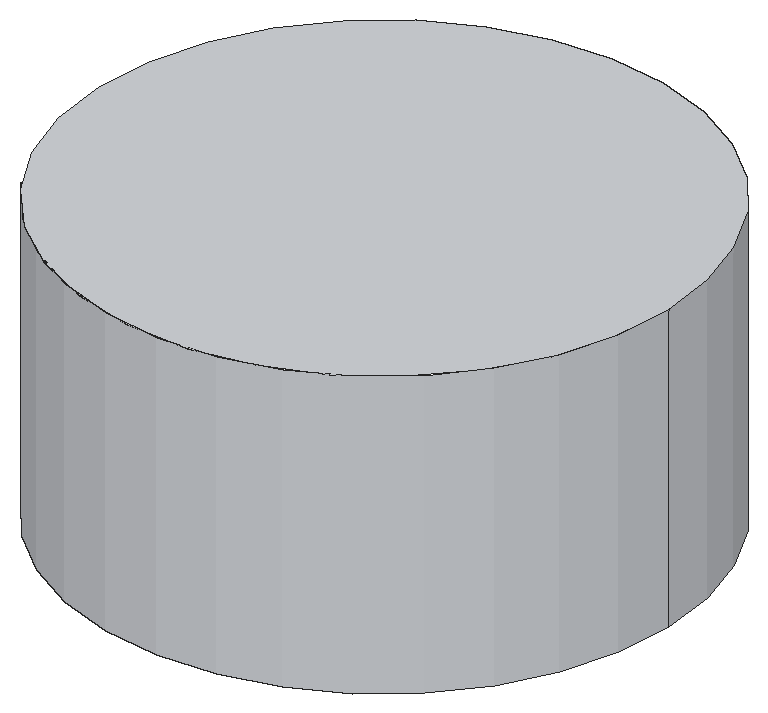
Revit family "ASF-6-C2", category Mechanical Equipment, Revit 2023
Family settings
  Round Connector Dimension = Use Diameter
  Classification = None
  Part Type = Normal
  OmniClass Number = 23.75.00.00
  OmniClass Title = Climate Control (HVAC)
  Work Plane-Based = No
  Always vertical = Yes
  Cut with Voids When Loaded = No
  Maintain Annotation Orientation = No
  Shared = No
  Room Calculation Point = No
Parameters (values of type "Standard")
  Volume = 0.0277626 CF
  Title = "Aura Solar Attic Fan - 6\" Diameter, 2\" Tall Collar"
  Subject = "ASF-6-C2"
  Requested Accuracy = "Low"
  Part Number = "ASF-6-C2"
  Mass = 3.17751 lbm
  Designer = "CAD Machine"
  Design State = 1
  Density = 114.453 lb/ft³
  Default Elevation = 0' - 0"
  Creation Date = "11/11/2022"
  Connector_1_Diameter = 0' - 5 3/4"
  Center of Gravity = "X: 0.035 in Y: -3.697 in Z: 0.000 in"
  Author = "CAD Machine"
  Area = 12.6806 SF
Reference planes (in)
  plane 1 "Center (Front/Back)": y = 0
  plane 2: z = 0
  plane 3 "Center (Left/Right)": x = 0
Forms (in)
  Extrusion 1, solid
    sketch origin (0, 0, -9.61262) x (1, 0, 0) y (0, 1, 0)
      loop
        circle (0, 0) r 0.12
    from 0 to -0.12
Dimensions and locks (in)
  aligned and locked: plane 2 to level
Connectors (in)
  hvac at (0, 0, -9.61262), driven by "Connector_1_Diameter"
    settings: on Extrusion 1, index 1, duct flow 0 CFM, flow factor 0, pres drop 0.00 in-wg, loss coef 0, conn angle 0.00°, conn width 12", conn height 12", conn diameter 5 3/4", duct sys type 3, conn prof type 0, flow config 1, flow direction 1, loss method 0, conn ref index -1, conn util no, is conn primary yes, conn desc ""
